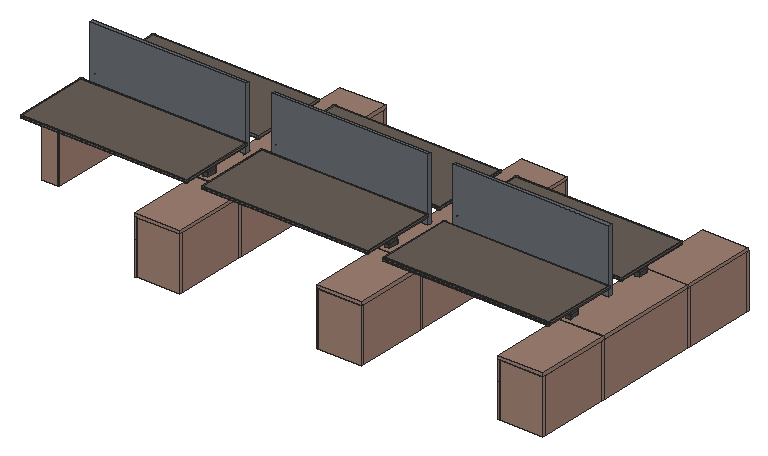
Revit family "T200198", category Furniture, Revit 2015
Parameters (values of type "T200198")
  URL = "https://ofs.com/"
  Staks Wire Manager = OFS STAKS PET Wire Manager Material
  Staks Height Worksurface Edge = OFS STAKS Edge Material
  Staks Height  Worksurface Venner = OFS STAKS Surface Material
  Staks Height  Worksurface 3d Laminate = OFS STAKS Laminate Material
  Staks Fabric Privacy Panel = OFS STAKS Tackable Fabric
  Staks Cross Surface = OFS STAKS Wood Grain Laminate Material
  Staks Cross Power Block Casing = OFS STAKS Power Block Casing Material
  Staks Cross Power Block = OFS STAKS Power Block Material
  Staks Cross Metal Conduit = OFS STAKS Power Jumper Conduit Material
  Staks Cross Duplex Receptacle = OFS STAKS Power Jumper Connector Material
  Staks Cross Bracket = OFS STAKS Power Jumper Connector Material
  Staks Box File top Material = OFS STAKS Board Material
  Staks Box File Leg Caps = OFS STAKS Leg Caps Material
  Staks Box File Drawer Handle = OFS STAKS Drawer Handle Metal
  Staks Box File Column = OFS STAKS Column Material
  Staks Box File Board = OFS STAKS Board Material
  Model = "T200198"
  Manufacturer = "OFS"
  Description = "OFS TYPICAL T200198"
  Copyright © = "©OFS 2020"
  Catalog = "https://ofs.com/2020-experience"
  Authoring Version = "Autodesk Revit Architecture 2015"
  Assembly Code = "E2020400"
Reference planes (in)
  plane 1 "Center Front/Back": y = 0
  plane 2: z = 0
  plane 3 "Center Left/Right": x = 0
Dimensions and locks (in)
  aligned and locked: level to plane 2
Nested families (in)
  nested 1: "STAKS BOX-FILE-OPEN SHELVES FLOOR STORAGE Left 30-36" at (80.92693, 31.25018, 0) x (0, -1, 0) z (0, 0, 1), type "STAKS BOX-FILE-OPEN SHELVES FLOOR STORAGE Left, 30in"
    with Table Height 27.75"
  nested 2: "STAKS BOX-FILE-OPEN SHELVES FLOOR STORAGE Left 30-36" at (8.92693, 31.25018, 0) x (0, -1, 0) z (0, 0, 1), type "STAKS BOX-FILE-OPEN SHELVES FLOOR STORAGE Left, 30in"
    with Table Height 27.75"
  nested 3: "STAKS BOX-FILE-OPEN SHELVES FLOOR STORAGE Right 30-36" at (8.92693, -40.74982, 0) x (0, -1, 0) z (0, 0, 1), type "STAKS BOX-FILE-OPEN SHELVES FLOOR STORAGE Right, 30in"
    with Table Height 27.75"
  nested 4: "STAKS BOX-FILE-OPEN SHELVES FLOOR STORAGE Right 30-36" at (80.92693, -40.74982, 0) x (0, -1, 0) z (0, 0, 1), type "STAKS BOX-FILE-OPEN SHELVES FLOOR STORAGE Right, 30in"
    with Table Height 27.75"
  nested 5: "STAKS HEIGHT ADJUSTABLE WORK GROUP PANEL BASE Dual User" at (-142.02705, -0.46731, 0) x (0, 1, 0) z (0, 0, 1), type "STAKS HEIGHT ADJUSTABLE WORK GROUP PANEL BASE Dual User"
    with Table Height 27.75"
  nested 6: "STAKS HEIGHT ADJUSTABLE WORK GROUP CABINET Dual User" at (80.92693, -0.49982, 0) x (0, -1, 0) z (0, 0, 1), type "STAKS HEIGHT ADJUSTABLE WORK GROUP CABINET Dual User"
    with Table Height 27.75"
  nested 7: "STAKS HEIGHT ADJUSTABLE WORK GROUP CABINET Double Sided Dual User" at (-9.07307, -0.49982, 0) x (0, 1, 0) z (0, 0, 1), type "STAKS HEIGHT ADJUSTABLE WORK GROUP CABINET Double Sided Dual User"
    with Table Height 27.75"
  nested 8: "STAKS FABRIC PRIVACY PANEL Tackable" at (-36.07307, -0.46856, 0.61875), type "STAKS FABRIC PRIVACY PANEL Tackable for 66in Worksurfaces."
    with Width 62.00"
  nested 9: "STAKS FABRIC PRIVACY PANEL Tackable" at (35.92692, -0.46856, 0.61875) x (-1, 0, 0) z (0, 0, 1), type "STAKS FABRIC PRIVACY PANEL Tackable for 66in Worksurfaces."
    with Width 62.00"
  nested 10: "STAKS HEIGHT ADJUSTABLE WORKSURFACE" at (-36.07141, -18.49811, 8), type "STAKS HEIGHT ADJUSTABLE WORKSURFACE 66x30"
    with PVC Edge yes, Height 21.00", 3D Laminate no
  nested 11: "STAKS HEIGHT ADJUSTABLE WORKSURFACE" at (36.07141, -18.49811, 8) x (-1, 0, 0) z (0, 0, 1), type "STAKS HEIGHT ADJUSTABLE WORKSURFACE 66x30"
    with PVC Edge yes, Height 21.00", 3D Laminate no
  nested 12: "STAKS HEIGHT ADJUSTABLE WORKSURFACE" at (-36.07141, 17.37311, 8), type "STAKS HEIGHT ADJUSTABLE WORKSURFACE 66x30"
    with PVC Edge yes, Height 21.00", 3D Laminate no
  nested 13: "STAKS HEIGHT ADJUSTABLE WORKSURFACE" at (36.07141, 17.37311, 8) x (-1, 0, 0) z (0, 0, 1), type "STAKS HEIGHT ADJUSTABLE WORKSURFACE 66x30"
    with PVC Edge yes, Height 21.00", 3D Laminate no
  nested 14: "STAKS CROSS RAIL BASIC POWER Double Sided Three Circuit" at (-36.07307, -0.00189, 1), type "STAKS CROSS RAIL BASIC POWER Double Sided Three Circuit 66in"
  nested 15: "STAKS CROSS RAIL BASIC POWER Double Sided Three Circuit" at (36.07307, -0.00189, 1) x (-1, 0, 0) z (0, 0, 1), type "STAKS CROSS RAIL BASIC POWER Double Sided Three Circuit 66in"
  nested 16: "STAKS PET WIRE MANAGER to Underside of Cross Rail" at (-36.07307, 0, 1.04402), type "STAKS PET WIRE MANAGER to Underside of Cross Rail 44in"
    with Height Above Floor 20.00"
  nested 17: "STAKS PET WIRE MANAGER to Underside of Cross Rail" at (36.07307, 0, 1.04402) x (-1, 0, 0) z (0, 0, 1), type "STAKS PET WIRE MANAGER to Underside of Cross Rail 44in"
    with Height Above Floor 20.00"
  nested 18: "STAKS HEIGHT ADJUSTABLE WORKSURFACE" at (-108.07141, -18.49811, 8), type "STAKS HEIGHT ADJUSTABLE WORKSURFACE 66x30"
    with PVC Edge yes, Height 21.00", 3D Laminate no
  nested 19: "STAKS HEIGHT ADJUSTABLE WORKSURFACE" at (-108.07141, 17.37311, 8), type "STAKS HEIGHT ADJUSTABLE WORKSURFACE 66x30"
    with PVC Edge yes, Height 21.00", 3D Laminate no
  nested 20: "STAKS BOX-FILE-OPEN SHELVES FLOOR STORAGE Left 30-36" at (-63.19499, 31.25018, 0) x (0, -1, 0) z (0, 0, 1), type "STAKS BOX-FILE-OPEN SHELVES FLOOR STORAGE Left, 30in"
    with Table Height 27.75"
  nested 21: "STAKS BOX-FILE-OPEN SHELVES FLOOR STORAGE Right 30-36" at (-63.19499, -40.74982, 0) x (0, -1, 0) z (0, 0, 1), type "STAKS BOX-FILE-OPEN SHELVES FLOOR STORAGE Right, 30in"
    with Table Height 27.75"
  nested 22: "STAKS HEIGHT ADJUSTABLE WORK GROUP CABINET Double Sided Dual User" at (-81.19499, -0.49982, 0) x (0, 1, 0) z (0, 0, 1), type "STAKS HEIGHT ADJUSTABLE WORK GROUP CABINET Double Sided Dual User"
    with Table Height 27.75"
  nested 23: "STAKS FABRIC PRIVACY PANEL Tackable" at (-108.19499, -0.46856, 0.61875), type "STAKS FABRIC PRIVACY PANEL Tackable for 66in Worksurfaces."
    with Width 62.00"
  nested 24: "STAKS CROSS RAIL BASIC POWER Double Sided Three Circuit" at (-108.19499, -0.00189, 1), type "STAKS CROSS RAIL BASIC POWER Double Sided Three Circuit 66in"
  nested 25: "STAKS PET WIRE MANAGER to Underside of Cross Rail" at (-108.19499, 0, 1.04402), type "STAKS PET WIRE MANAGER to Underside of Cross Rail 44in"
    with Height Above Floor 20.00"
  nested 26: "STAKS PET HIGH BACK WIRE MANAGER to Underside of Worksurface" at (-108.9255, -6, -0.55673), type "STAKS PET HIGH BACK WIRE MANAGER Mounts to Underside of Worksurface 56in"
    with Height Above Floor 28.50"
  nested 27: "STAKS PET HIGH BACK WIRE MANAGER to Underside of Worksurface" at (-108.9255, 5, -0.60286), type "STAKS PET HIGH BACK WIRE MANAGER Mounts to Underside of Worksurface 56in"
    with Height Above Floor 28.50"
  nested 28: "STAKS PET HIGH BACK WIRE MANAGER to Underside of Worksurface" at (35.19641, -6, -0.55673), type "STAKS PET HIGH BACK WIRE MANAGER Mounts to Underside of Worksurface 56in"
    with Height Above Floor 28.50"
  nested 29: "STAKS PET HIGH BACK WIRE MANAGER to Underside of Worksurface" at (35.19641, 5, -0.60286), type "STAKS PET HIGH BACK WIRE MANAGER Mounts to Underside of Worksurface 56in"
    with Height Above Floor 28.50"
Definition of nested family "STAKS BOX-FILE-OPEN SHELVES FLOOR STORAGE Left 30-36"
  Parameters (values of type "STAKS BOX-FILE-OPEN SHELVES FLOOR STORAGE Left, 30in")
    Width = 30.00"
    URL = "http://ofs.com"
    Top Material = none
    Top Board Back Offset = 0.00"
    Table Height [instance] = 27.75"
    Shelf Height = 13.86625"
    Drawers Width = 14.00"
    Drawer Handle Material = none
    Drawer Gap = 0.0625"
    Depth = 18.00"
    Column Plate Thickness = 2.00"
    Column Material = none
    Box Width = 7.00"
    Board Thick Top = 1.125"
    Board Thick Door = 0.75"
    Board Material = none
    Model = "6-3018FSL1"
    Manufacturer = "OFS"
    Leg Caps Material = none
    Leg Offset = 2.00"
    Board Thick Internal = 0.75"
    Height = 23.00"
    Description = "OFS STAKS BOX-FILE-OPEN SHELVES FLOOR STORAGE Left, 30\" Width, One Box Drawer, One File Drawer, One Adjustable Shelf"
    Copyright © = "© OFS 2018"
    Catalog = "https://ofs.com/products/open-plan/benching/staks"
    Bottom Board Offset = 0.50"
    Board Thick Bot = 1.00"
    Board Thick Sides = 0.75"
    Board Thick Front = 0.75"
    Board Thick Back = 0.75"
    Authoring Version = "Autodesk Revit Architecture 2013"
    Assembly Code = "E2020200"
  Types (2): name | Width | Model | Description
    STAKS BOX-FILE-OPEN SHELVES FLOOR STORAGE Left, 30in | 30.00" | "6-3018FSL1" | "OFS STAKS BOX-FILE-OPEN SHELVES FLOOR STORAGE Left, 30\" Width, One Box Drawer, One File Drawer, One Adjustable Shelf"
    STAKS BOX-FILE-OPEN SHELVES FLOOR STORAGE Left, 36in | 36.00" | "6-3618FSL1" | "OFS STAKS BOX-FILE-OPEN SHELVES FLOOR STORAGE Left, 36\" Width, One Box Drawer, One File Drawer, One Adjustable Shelf"
  Reference planes (in)
    plane 1 "Center Front/Back": y = 0
    plane 2: z = 0
    plane 3 "Front End": y = -17.25
    plane 4 "Right End": x = 10.75
    plane 5 "Back End": y = 0
    plane 6 "Height Top": z = 23
    plane 7: x = 10
    plane 8: z = 21.875
    plane 9: z = 0.5
    plane 10: z = 1.5
    plane 11: y = -16.5
    plane 12: x = 8.75
    plane 13: y = -18
    plane 14: y = -0.75
    plane 15: y = 0
    plane 16: z = 13.86625
    plane 17: z = 13.11625
    plane 18: z = 13.92875
    plane 19 "Center Left Right": x = -4.25
    plane 20: x = -18.5
    plane 21: x = -3.75
    plane 22: x = -4.5
    plane 23: x = -19.25
    plane 24: x = -17.25
    plane 25: x = -14.5
    plane 26: x = -8.5
    plane 27: x = -8.875
    plane 28: x = -14.125
  Forms (in)
    Extrusion 1, solid, material <- "Board Material"
      sketch origin (0, 0, 0) x (-1, 0, 0) y (0, -1, 0)
        loop
          line (-10.75, 0) -> (-10, 0) -> (-10, 17.25) -> (-10.75, 17.25) -> (-10.75, 0)
      from 0.5 to 21.875
    Extrusion 2, solid, material <- "Board Material"
      sketch origin (0, 0, 0) x (1, 0, 0) y (0, 1, 0)
        loop
          line (-18.5, -0.75) -> (-18.5, -17.25) -> (10, -17.25) -> (10, -0.75) -> (-18.5, -0.75)
      from 0.5 to 1.5
    Extrusion 3, solid, material <- "Top Material"
      sketch origin (0, 0, 0) x (1, 0, 0) y (0, 1, 0)
        loop
          line (-19.25, 0) -> (-19.25, -18) -> (10.75, -18) -> (10.75, 0) -> (-19.25, 0)
      from 21.875 to 23
    Extrusion 4, solid, material <- "Board Material"
      sketch origin (0, 27.875, 0) x (1, 0, 0) y (0, 1, 0)
        loop
          line (-18.5, -27.875) -> (-18.5, -28.625) -> (10, -28.625) -> (10, -27.875) -> (-18.5, -27.875)
      from 0.5 to 21.875
    Revolve 5, solid, material <- "Leg Caps Material"
      sketch origin (-17.27629, -3.5, 0) x (-1, 0, 0) y (0, 0, -1)
        loop
          line (-26.02629, -0.5) -> (-25.83829, -0.5) -> (-25.83829, 0) -> (-26.21329, 0) -> (-26.21329, -0.12502)
          arc (-26.21329, -0.12502) -> (-26.17668, -0.2134) -> (-26.08831, -0.25) r 0.12498
          line (-26.08831, -0.25) -> (-26.02629, -0.25) -> (-26.02629, -0.5)
        axis (-25.83829, 0) -> (-25.83829, -0.5)
      angle from 0 to 360
    Revolve 6, solid, material <- "Leg Caps Material"
      sketch origin (-7.02629, -14.5, 0) x (-1, 0, 0) y (0, 0, 1)
        loop
          line (-15.77629, 0.5) -> (-15.77629, 0.25) -> (-15.83831, 0.25)
          arc (-15.83831, 0.25) -> (-15.92668, 0.2134) -> (-15.96329, 0.12502) r 0.12498
          line (-15.96329, 0.12502) -> (-15.96329, 0) -> (-15.58829, 0) -> (-15.58829, 0.5) -> (-15.77629, 0.5)
        axis (-15.58829, 0) -> (-15.58829, 0.5)
      angle from 0 to 360
    Extrusion 7, solid, material <- "Board Material"
      sketch origin (-29.25, 0, 0) x (-1, 0, 0) y (0, -1, 0)
        loop
          line (-10.75, 0) -> (-10, 0) -> (-10, 17.25) -> (-10.75, 17.25) -> (-10.75, 0)
      from 0.5 to 21.875
    Extrusion 8, solid, material <- "Board Material"
      sketch origin (-14.875, 0, 0) x (-1, 0, 0) y (0, -1, 0)
        loop
          line (-11.125, 0.75) -> (-10.375, 0.75) -> (-10.375, 17.25) -> (-11.125, 17.25) -> (-11.125, 0.75)
      from 1.5 to 21.875
    Revolve 9, solid, material <- "Leg Caps Material"
      sketch origin (2.40129, -3.5, 0) x (1, 0, 0) y (0, 0, 1)
        loop
          line (-19.65129, 0.5) -> (-19.65129, 0.25) -> (-19.71331, 0.25)
          arc (-19.71331, 0.25) -> (-19.80168, 0.2134) -> (-19.83829, 0.12502) r 0.12498
          line (-19.83829, 0.12502) -> (-19.83829, 0) -> (-19.46329, 0) -> (-19.46329, 0.5) -> (-19.65129, 0.5)
        axis (-19.46329, 0) -> (-19.46329, 0.5)
      angle from 0 to 360
    Revolve 10, solid, material <- "Leg Caps Material"
      sketch origin (-2.22371, -14.5, 0) x (1, 0, 0) y (0, 0, -1)
        loop
          line (-15.02629, -0.5) -> (-14.83829, -0.5) -> (-14.83829, 0) -> (-15.21329, 0) -> (-15.21329, -0.12502)
          arc (-15.21329, -0.12502) -> (-15.17668, -0.2134) -> (-15.08831, -0.25) r 0.12498
          line (-15.08831, -0.25) -> (-15.02629, -0.25) -> (-15.02629, -0.5)
        axis (-14.83829, 0) -> (-14.83829, -0.5)
      angle from 0 to 360
    Revolve 11, solid, material <- "Leg Caps Material"
      sketch origin (21.08829, -3.5, 0) x (1, 0, 0) y (0, 0, 1)
        loop
          line (-25.40129, 0.5) -> (-25.40129, 0.25) -> (-25.46331, 0.25)
          arc (-25.46331, 0.25) -> (-25.55168, 0.2134) -> (-25.58829, 0.12502) r 0.12498
          line (-25.58829, 0.12502) -> (-25.58829, 0) -> (-25.21329, 0) -> (-25.21329, 0.5) -> (-25.40129, 0.5)
        axis (-25.21329, 0) -> (-25.21329, 0.5)
      angle from 0 to 360
    Revolve 12, solid, material <- "Leg Caps Material"
      sketch origin (16.46329, -14.5, 0) x (1, 0, 0) y (0, 0, -1)
        loop
          line (-20.77629, -0.5) -> (-20.58829, -0.5) -> (-20.58829, 0) -> (-20.96329, 0) -> (-20.96329, -0.12502)
          arc (-20.96329, -0.12502) -> (-20.92668, -0.2134) -> (-20.83831, -0.25) r 0.12498
          line (-20.83831, -0.25) -> (-20.77629, -0.25) -> (-20.77629, -0.5)
        axis (-20.58829, 0) -> (-20.58829, -0.5)
      angle from 0 to 360
    Extrusion 13, solid, material <- "Board Material"
      sketch origin (-9.66893, 0, 0) x (-1, 0, 0) y (0, -1, 0)
        loop
          line (9.58107, 17.25) -> (9.58107, 18) -> (-5.91893, 18) -> (-5.91893, 17.25) -> (9.58107, 17.25)
      from 0.5 to 13.86625
    Extrusion 14, solid, material <- "Board Material"
      sketch origin (-11.49697, 0, 14.88819) x (-1, 0, 0) y (0, -1, 0)
        loop
          line (7.75303, 17.25) -> (7.75303, 18) -> (-7.74697, 18) -> (-7.74697, 17.25) -> (7.75303, 17.25)
      from -0.95944 to 6.98681
    Extrusion 15, solid, material <- "Drawer Handle Material"
      sketch origin (27.25, 0, 0) x (1, 0, 0) y (0, 1, 0)
        loop
          line (-35.75, -18.875) -> (-35.75, -18) -> (-36.125, -18) -> (-36.125, -18.6875) -> (-41.375, -18.6875) -> (-41.375, -18) -> (-41.75, -18) -> (-41.75, -18.875) -> (-35.75, -18.875)
      from 20.19685 to 20.6656
    Extrusion 16, solid, material <- "Drawer Handle Material"
      sketch origin (27.25, 0, -7) x (1, 0, 0) y (0, 1, 0)
        loop
          line (-35.75, -18.875) -> (-35.75, -18) -> (-36.125, -18) -> (-36.125, -18.6875) -> (-41.375, -18.6875) -> (-41.375, -18) -> (-41.75, -18) -> (-41.75, -18.875) -> (-35.75, -18.875)
      from 20.19685 to 20.6656
    Extrusion 17, solid, material <- "Board Material"
      sketch origin (15.75, 0, 0) x (1, 0, 0) y (0, 0, 1)
        loop
          line (-19.5, 13.86625) -> (-19.5, 13.11625) -> (-5.75, 13.11625) -> (-5.75, 13.86625) -> (-19.5, 13.86625)
      from 0.75 to 17.25
  Dimensions and locks (in)
    "Height": plane 6 "Height Top" to level
    "Board Thick Sides": plane 7 to plane 4 "Right End"
    "Board Thick Top": plane 6 "Height Top" to plane 8
    "Board Thick Bot": plane 10 to plane 9
    "Bottom Board Offset": plane 9 to level
    "Board Thick Front": plane 11 to plane 3 "Front End"
    "Leg Offset": plane 12 to plane 4 "Right End"
    "Board Thick Door": plane 13 to plane 3 "Front End"
    "Board Thick Back": plane 14 to plane 1 "Center Front/Back"
    "Depth": plane 13 to plane 1 "Center Front/Back"
    "Top Board Back Offset": plane 15 to plane 5 "Back End"
    "Board Thick Internal": plane 16 to plane 17
    "Shelf Height": plane 16 to level
    "Drawer Gap": plane 18 to plane 16
    equal spacing: plane 23, plane 19 "Center Left Right", plane 4 "Right End"
    "Width": plane 4 "Right End" to plane 23
    "Board Thick Internal": plane 21 to plane 22
    "Board Thick Sides": plane 23 to plane 20
    "Drawers Width": plane 20 to plane 22
    "Leg Offset": plane 24 to plane 23
    locked: plane 20 to plane 25 at 4
    locked: plane 26 to plane 22 at 4
    locked: plane 27 to plane 26 at 0.375
    locked: plane 25 to plane 28 at 0.375
    aligned and locked: level to plane 2
    aligned and locked: plane 7 to Extrusion 1
    aligned and locked: Extrusion 1 to plane 4 "Right End"
    aligned and locked: Extrusion 1 to plane 9
    aligned and locked: plane 7 to Extrusion 2 sketch curve
    aligned and locked: Extrusion 4 to plane 9
    aligned and locked: plane 8 to Extrusion 4
    aligned and locked: plane 8 to Extrusion 1
    aligned and locked: Extrusion 3 to plane 13
    aligned and locked: Extrusion 3 to plane 4 "Right End"
    aligned and locked: plane 6 "Height Top" to Extrusion 3
    aligned and locked: Extrusion 3 to plane 8
    aligned and locked: Extrusion 4 to plane 14
    aligned and locked: Extrusion 4 to plane 1 "Center Front/Back"
    aligned and locked: Extrusion 3 to plane 15
    aligned and locked: Extrusion 1 to plane 3 "Front End"
    aligned and locked: plane 12 to Revolve 5
    aligned and locked: plane 20 to Extrusion 7 sketch curve
    aligned and locked: plane 23 to Extrusion 7
    aligned and locked: plane 23 to Extrusion 3
    aligned and locked: plane 20 to Extrusion 2
    aligned and locked: Extrusion 7 to plane 9
    aligned and locked: Extrusion 7 to plane 5 "Back End"
    aligned and locked: plane 20 to Extrusion 4
    aligned and locked: Extrusion 4 to plane 7
    aligned and locked: Extrusion 1 to plane 5 "Back End"
    aligned and locked: plane 23 to Extrusion 14
    aligned and locked: plane 23 to Extrusion 13
    aligned and locked: plane 21 to Extrusion 14
    aligned and locked: plane 21 to Extrusion 13
    aligned and locked: Extrusion 15 to plane 25
    aligned and locked: Extrusion 16 to plane 25
    aligned and locked: Extrusion 15 to plane 28
    aligned and locked: Extrusion 16 to plane 28
    aligned and locked: Extrusion 15 to plane 27
    aligned and locked: Extrusion 16 to plane 27
    aligned and locked: Extrusion 15 to plane 26
    aligned and locked: Extrusion 16 to plane 26
    aligned and locked: plane 13 to Extrusion 13
    aligned and locked: plane 3 "Front End" to Extrusion 13
    aligned and locked: plane 13 to Extrusion 14
    aligned and locked: plane 3 "Front End" to Extrusion 14
    aligned and locked: plane 8 to Extrusion 14
    aligned and locked: Extrusion 14 to plane 18
    aligned and locked: Extrusion 13 to plane 16
    aligned and locked: Extrusion 13 to plane 9
    aligned and locked: Extrusion 17 to plane 21
    aligned and locked: Extrusion 17 to plane 7
    aligned and locked: Extrusion 17 to plane 16
    aligned and locked: plane 17 to Extrusion 17
  Automatic sketch dimensions
    Extrusion 1 sketch curve to plane 3 "Front End" = 0.00"
    Extrusion 1 sketch curve to plane 4 "Right End" = 0.00"
    Extrusion 1 sketch curve to plane 7 = 0.00"
    plane 1 "Center Front/Back" to Extrusion 1 sketch curve = 0.00"
    Extrusion 2 sketch curve to plane 3 "Front End" = 0.00"
    Extrusion 2 sketch curve to plane 20 = 0.00"
    Extrusion 2 sketch curve to plane 14 = 0.00"
    Extrusion 3 sketch curve to plane 13 = 0.00"
    Extrusion 3 sketch curve to plane 23 = 0.00"
    Extrusion 3 sketch curve to plane 4 "Right End" = 0.00"
    plane 1 "Center Front/Back" to Extrusion 3 sketch curve = 0.00"
    Extrusion 4 sketch curve to plane 14 = 0.00"
    Extrusion 4 sketch curve to plane 20 = 0.00"
    Extrusion 4 sketch curve to plane 7 = 0.00"
    plane 1 "Center Front/Back" to Extrusion 4 sketch curve = 0.00"
    Revolve 5 sketch curve to level = 0.00"
    plane 12 to Revolve 5 sketch curve = 0.00"
    Revolve 5 sketch curve to plane 9 = 0.00"  (x2)
    level to Revolve 5 sketch curve = 0.25"
    Revolve 5 sketch curve to Revolve 5 sketch curve = 0.06202"
    Revolve 5 sketch curve to Revolve 5 sketch curve = 0.12498"
    plane 12 to Revolve 5 sketch curve = 0.188"  (x2)
    plane 9 to Revolve 5 sketch curve = 0.25"
    Revolve 6 sketch curve to level = 0.00"
    plane 12 to Revolve 6 sketch curve = 0.00"
    Revolve 6 sketch curve to plane 9 = 0.00"  (x2)
    level to Revolve 6 sketch curve = 0.12502"
    Revolve 6 sketch curve to plane 12 = 0.06202"
    Revolve 6 sketch curve to Revolve 6 sketch curve = 0.12498"
    plane 12 to Revolve 6 sketch curve = 0.188"  (x2)
    plane 9 to Revolve 6 sketch curve = 0.25"
    Extrusion 7 sketch curve to plane 3 "Front End" = 0.00"
    Extrusion 7 sketch curve to plane 23 = 0.00"
    plane 1 "Center Front/Back" to Extrusion 7 sketch curve = 0.00"
    Extrusion 8 sketch curve to plane 3 "Front End" = 0.00"
    Extrusion 8 sketch curve to plane 21 = 0.00"
    Extrusion 8 sketch curve to plane 22 = 0.00"
    Extrusion 8 sketch curve to plane 14 = 0.00"
    Revolve 9 sketch curve to level = 0.00"
    Revolve 9 sketch curve to plane 24 = 0.00"
    Revolve 9 sketch curve to plane 9 = 0.00"  (x2)
    level to Revolve 9 sketch curve = 0.12502"
    Revolve 9 sketch curve to plane 24 = 0.06202"
    Revolve 9 sketch curve to Revolve 9 sketch curve = 0.12498"
    plane 24 to Revolve 9 sketch curve = 0.188"  (x2)
    plane 9 to Revolve 9 sketch curve = 0.25"
    Revolve 10 sketch curve to level = 0.00"
    Revolve 10 sketch curve to plane 24 = 0.00"
    Revolve 10 sketch curve to plane 9 = 0.00"  (x2)
    level to Revolve 10 sketch curve = 0.25"
    Revolve 10 sketch curve to plane 24 = 0.06202"
    Revolve 10 sketch curve to Revolve 10 sketch curve = 0.12498"
    plane 24 to Revolve 10 sketch curve = 0.188"  (x2)
    plane 9 to Revolve 10 sketch curve = 0.25"
    Revolve 11 sketch curve to plane 22 = 0.00"
    Revolve 11 sketch curve to plane 9 = 0.00"  (x2)
    Revolve 11 sketch curve to level = 0.00"
    level to Revolve 11 sketch curve = 0.12502"
    plane 22 to Revolve 11 sketch curve = 0.12498"
    Revolve 11 sketch curve to Revolve 11 sketch curve = 0.06202"
    Revolve 11 sketch curve to Revolve 11 sketch curve = 0.25002"
    Revolve 11 sketch curve to Revolve 11 sketch curve = 0.00"
    plane 9 to Revolve 11 sketch curve = 0.25"
    Revolve 12 sketch curve to plane 22 = 0.00"
    Revolve 12 sketch curve to plane 9 = 0.00"  (x2)
    Revolve 12 sketch curve to level = 0.00"
    level to Revolve 12 sketch curve = 0.25"
    plane 22 to Revolve 12 sketch curve = 0.12498"
    Revolve 12 sketch curve to Revolve 12 sketch curve = 0.06202"
    Revolve 12 sketch curve to Revolve 12 sketch curve = 0.25002"
    Revolve 12 sketch curve to Revolve 12 sketch curve = 0.00"
    plane 9 to Revolve 12 sketch curve = 0.25"
    Extrusion 13 sketch curve to plane 3 "Front End" = 0.00"
    Extrusion 13 sketch curve to plane 21 = 0.00"
    Extrusion 13 sketch curve to plane 13 = 0.00"
    Extrusion 13 sketch curve to plane 23 = 0.00"
    Extrusion 14 sketch curve to plane 3 "Front End" = 0.00"
    Extrusion 14 sketch curve to plane 21 = 0.00"
    Extrusion 14 sketch curve to plane 13 = 0.00"
    Extrusion 14 sketch curve to plane 23 = 0.00"
    Extrusion 15 sketch curve to plane 13 = 0.00"
    Extrusion 15 sketch curve to plane 25 = 0.00"
    Extrusion 15 sketch curve to plane 28 = 0.00"
    Extrusion 15 sketch curve to plane 27 = 0.00"
    plane 13 to Extrusion 15 sketch curve = 0.00"
    Extrusion 15 sketch curve to plane 26 = 0.00"
    plane 13 to Extrusion 15 sketch curve = 0.875"
    Extrusion 15 sketch curve to Extrusion 15 sketch curve = 0.1875"
    Extrusion 16 sketch curve to plane 13 = 0.00"
    Extrusion 16 sketch curve to plane 25 = 0.00"
    Extrusion 16 sketch curve to plane 28 = 0.00"
    Extrusion 16 sketch curve to plane 27 = 0.00"
    plane 13 to Extrusion 16 sketch curve = 0.00"
    Extrusion 16 sketch curve to plane 26 = 0.00"
    plane 13 to Extrusion 16 sketch curve = 0.875"
    Extrusion 16 sketch curve to Extrusion 16 sketch curve = 0.1875"
    Extrusion 17 sketch curve to plane 17 = 0.00"
    Extrusion 17 sketch curve to plane 16 = 0.00"
    plane 21 to Extrusion 17 sketch curve = 0.00"
    Extrusion 17 sketch curve to plane 12 = 1.25"
Definition of nested family "STAKS BOX-FILE-OPEN SHELVES FLOOR STORAGE Right 30-36"
  Parameters (values of type "STAKS BOX-FILE-OPEN SHELVES FLOOR STORAGE Right, 30in")
    Width = 30.00"
    URL = "http://ofs.com"
    Top Material = none
    Top Board Back Offset = 0.00"
    Table Height [instance] = 27.75"
    Shelf Height = 13.86625"
    Drawers Width = 14.00"
    Drawer Handle Material = none
    Drawer Gap = 0.0625"
    Depth = 18.00"
    Column Plate Thickness = 2.00"
    Column Material = none
    Box Width = 7.00"
    Board Thick Top = 1.125"
    Board Thick Door = 0.75"
    Board Material = none
    Model = "6-3018FSR1"
    Manufacturer = "OFS"
    Leg Caps Material = none
    Leg Offset = 2.00"
    Board Thick Internal = 0.75"
    Height = 23.00"
    Description = "OFS STAKS BOX-FILE-OPEN SHELVES FLOOR STORAGE Right, 30\" Width, One Box Drawer, One File Drawer, One Adjustable Shelf"
    Copyright © = "© OFS 2018"
    Catalog = "https://ofs.com/products/open-plan/benching/staks"
    Bottom Board Offset = 0.50"
    Board Thick Bot = 1.00"
    Board Thick Sides = 0.75"
    Board Thick Front = 0.75"
    Board Thick Back = 0.75"
    Authoring Version = "Autodesk Revit Architecture 2013"
    Assembly Code = "E2020200"
  Types (2): name | Width | Model | Description
    STAKS BOX-FILE-OPEN SHELVES FLOOR STORAGE Right, 30in | 30.00" | "6-3018FSR1" | "OFS STAKS BOX-FILE-OPEN SHELVES FLOOR STORAGE Right, 30\" Width, One Box Drawer, One File Drawer, One Adjustable Shelf"
    STAKS BOX-FILE-OPEN SHELVES FLOOR STORAGE Right, 36in | 36.00" | "6-3618FSR1" | "OFS STAKS BOX-FILE-OPEN SHELVES FLOOR STORAGE Right, 36\" Width, One Box Drawer, One File Drawer, One Adjustable Shelf"
  Reference planes (in)
    plane 1 "Center Front/Back": y = 0
    plane 2: z = 0
    plane 3 "Front End": y = -17.25
    plane 4 "Right End": x = 10.75
    plane 5 "Back End": y = 0
    plane 6 "Height Top": z = 23
    plane 7: x = 10
    plane 8: z = 21.875
    plane 9: z = 0.5
    plane 10: z = 1.5
    plane 11: y = -16.5
    plane 12: x = 8.75
    plane 13: y = -18
    plane 14: y = -0.75
    plane 15: y = 0
    plane 16: z = 13.86625
    plane 17: z = 13.11625
    plane 18: z = 13.92875
    plane 19 "Center Left Right": x = -4.25
    plane 20: x = -18.5
    plane 21: x = -4
    plane 22: x = -4.75
    plane 23: x = -19.25
    plane 24: x = -17.25
    plane 25: x = 6
    plane 26: x = 5.625
    plane 27: x = 0
    plane 28: x = 0.375
    plane 29: x = -14.5
    plane 30: x = -8.75
    plane 31: x = -9.125
    plane 32: x = -14.125
  Forms (in)
    Extrusion 1, solid, material <- "Board Material"
      sketch origin (0, 0, 0) x (-1, 0, 0) y (0, -1, 0)
        loop
          line (-10.75, 0) -> (-10, 0) -> (-10, 17.25) -> (-10.75, 17.25) -> (-10.75, 0)
      from 0.5 to 21.875
    Extrusion 2, solid, material <- "Board Material"
      sketch origin (0, 0, 0) x (1, 0, 0) y (0, 1, 0)
        loop
          line (-18.5, -0.75) -> (-18.5, -17.25) -> (10, -17.25) -> (10, -0.75) -> (-18.5, -0.75)
      from 0.5 to 1.5
    Extrusion 3, solid, material <- "Top Material"
      sketch origin (0, 0, 0) x (1, 0, 0) y (0, 1, 0)
        loop
          line (-19.25, 0) -> (-19.25, -18) -> (10.75, -18) -> (10.75, 0) -> (-19.25, 0)
      from 21.875 to 23
    Extrusion 4, solid, material <- "Board Material"
      sketch origin (0, 27.875, 0) x (1, 0, 0) y (0, 1, 0)
        loop
          line (-18.5, -27.875) -> (-18.5, -28.625) -> (10, -28.625) -> (10, -27.875) -> (-18.5, -27.875)
      from 0.5 to 21.875
    Revolve 5, solid, material <- "Leg Caps Material"
      sketch origin (-17.27629, -3.5, 0) x (-1, 0, 0) y (0, 0, -1)
        loop
          line (-26.02629, -0.5) -> (-25.83829, -0.5) -> (-25.83829, 0) -> (-26.21329, 0) -> (-26.21329, -0.12502)
          arc (-26.21329, -0.12502) -> (-26.17668, -0.2134) -> (-26.08831, -0.25) r 0.12498
          line (-26.08831, -0.25) -> (-26.02629, -0.25) -> (-26.02629, -0.5)
        axis (-25.83829, 0) -> (-25.83829, -0.5)
      angle from 0 to 360
    Revolve 6, solid, material <- "Leg Caps Material"
      sketch origin (-7.02629, -14.5, 0) x (-1, 0, 0) y (0, 0, 1)
        loop
          line (-15.77629, 0.5) -> (-15.77629, 0.25) -> (-15.83831, 0.25)
          arc (-15.83831, 0.25) -> (-15.92668, 0.2134) -> (-15.96329, 0.12502) r 0.12498
          line (-15.96329, 0.12502) -> (-15.96329, 0) -> (-15.58829, 0) -> (-15.58829, 0.5) -> (-15.77629, 0.5)
        axis (-15.58829, 0) -> (-15.58829, 0.5)
      angle from 0 to 360
    Extrusion 7, solid, material <- "Board Material"
      sketch origin (-29.25, 0, 0) x (-1, 0, 0) y (0, -1, 0)
        loop
          line (-10.75, 0) -> (-10, 0) -> (-10, 17.25) -> (-10.75, 17.25) -> (-10.75, 0)
      from 0.5 to 21.875
    Extrusion 8, solid, material <- "Board Material"
      sketch origin (7.66893, 0, 0) x (1, 0, 0) y (0, 1, 0)
        loop
          line (3.08107, -17.25) -> (-12.41893, -17.25) -> (-12.41893, -18) -> (3.08107, -18) -> (3.08107, -17.25)
      from 0.5 to 13.86625
    Extrusion 9, solid, material <- "Board Material"
      sketch origin (-14.875, 0, 0) x (-1, 0, 0) y (0, -1, 0)
        loop
          line (-10.875, 0.75) -> (-10.125, 0.75) -> (-10.125, 17.25) -> (-10.875, 17.25) -> (-10.875, 0.75)
      from 1.5 to 21.875
    Extrusion 10, solid, material <- "Board Material"
      sketch origin (-29.25, 0, 0) x (-1, 0, 0) y (0, 0, -1)
        loop
          line (-24.5, -13.86625) -> (-10.75, -13.86625) -> (-10.75, -13.11625) -> (-24.5, -13.11625) -> (-24.5, -13.86625)
      from 0.75 to 17.25
    Extrusion 11, solid, material <- "Board Material"
      sketch origin (9.49697, 0, 14.88819) x (1, 0, 0) y (0, 1, 0)
        loop
          line (1.25303, -17.25) -> (-14.24697, -17.25) -> (-14.24697, -18) -> (1.25303, -18) -> (1.25303, -17.25)
      from -0.95944 to 6.98681
    Extrusion 12, solid, material <- "Drawer Handle Material"
      sketch origin (-29.25, 0, 0) x (-1, 0, 0) y (0, -1, 0)
        loop
          line (-29.25, 18.875) -> (-35.25, 18.875) -> (-35.25, 18) -> (-34.875, 18) -> (-34.875, 18.6875) -> (-29.625, 18.6875) -> (-29.625, 18) -> (-29.25, 18) -> (-29.25, 18.875)
      from 20.19685 to 20.6656
    Extrusion 13, solid, material <- "Drawer Handle Material"
      sketch origin (-29.25, 0, -7) x (-1, 0, 0) y (0, -1, 0)
        loop
          line (-29.25, 18.875) -> (-35.25, 18.875) -> (-35.25, 18) -> (-34.875, 18) -> (-34.875, 18.6875) -> (-29.625, 18.6875) -> (-29.625, 18) -> (-29.25, 18) -> (-29.25, 18.875)
      from 20.19685 to 20.6656
    Revolve 14, solid, material <- "Leg Caps Material"
      sketch origin (2.40129, -3.5, 0) x (1, 0, 0) y (0, 0, 1)
        loop
          line (-19.65129, 0.5) -> (-19.65129, 0.25) -> (-19.71331, 0.25)
          arc (-19.71331, 0.25) -> (-19.80168, 0.2134) -> (-19.83829, 0.12502) r 0.12498
          line (-19.83829, 0.12502) -> (-19.83829, 0) -> (-19.46329, 0) -> (-19.46329, 0.5) -> (-19.65129, 0.5)
        axis (-19.46329, 0) -> (-19.46329, 0.5)
      angle from 0 to 360
    Revolve 15, solid, material <- "Leg Caps Material"
      sketch origin (-2.22371, -14.5, 0) x (1, 0, 0) y (0, 0, -1)
        loop
          line (-15.02629, -0.5) -> (-14.83829, -0.5) -> (-14.83829, 0) -> (-15.21329, 0) -> (-15.21329, -0.12502)
          arc (-15.21329, -0.12502) -> (-15.17668, -0.2134) -> (-15.08831, -0.25) r 0.12498
          line (-15.08831, -0.25) -> (-15.02629, -0.25) -> (-15.02629, -0.5)
        axis (-14.83829, 0) -> (-14.83829, -0.5)
      angle from 0 to 360
    Revolve 16, solid, material <- "Leg Caps Material"
      sketch origin (21.08829, -3.5, 0) x (1, 0, 0) y (0, 0, 1)
        loop
          line (-25.65129, 0.5) -> (-25.65129, 0.25) -> (-25.71331, 0.25)
          arc (-25.71331, 0.25) -> (-25.80168, 0.2134) -> (-25.83829, 0.12502) r 0.12498
          line (-25.83829, 0.12502) -> (-25.83829, 0) -> (-25.46329, 0) -> (-25.46329, 0.5) -> (-25.65129, 0.5)
        axis (-25.46329, 0) -> (-25.46329, 0.5)
      angle from 0 to 360
    Revolve 17, solid, material <- "Leg Caps Material"
      sketch origin (16.46329, -14.5, 0) x (1, 0, 0) y (0, 0, -1)
        loop
          line (-21.02629, -0.5) -> (-20.83829, -0.5) -> (-20.83829, 0) -> (-21.21329, 0) -> (-21.21329, -0.12502)
          arc (-21.21329, -0.12502) -> (-21.17668, -0.2134) -> (-21.08831, -0.25) r 0.12498
          line (-21.08831, -0.25) -> (-21.02629, -0.25) -> (-21.02629, -0.5)
        axis (-20.83829, 0) -> (-20.83829, -0.5)
      angle from 0 to 360
  Dimensions and locks (in)
    "Height": plane 6 "Height Top" to level
    "Board Thick Sides": plane 7 to plane 4 "Right End"
    "Board Thick Top": plane 6 "Height Top" to plane 8
    "Board Thick Bot": plane 10 to plane 9
    "Bottom Board Offset": plane 9 to level
    "Board Thick Front": plane 11 to plane 3 "Front End"
    "Leg Offset": plane 12 to plane 4 "Right End"
    "Board Thick Door": plane 13 to plane 3 "Front End"
    "Board Thick Back": plane 14 to plane 1 "Center Front/Back"
    "Depth": plane 13 to plane 1 "Center Front/Back"
    "Top Board Back Offset": plane 15 to plane 5 "Back End"
    "Board Thick Internal": plane 16 to plane 17
    "Shelf Height": plane 16 to level
    "Drawer Gap": plane 18 to plane 16
    equal spacing: plane 23, plane 19 "Center Left Right", plane 4 "Right End"
    "Width": plane 4 "Right End" to plane 23
    "Board Thick Internal": plane 21 to plane 22
    "Board Thick Sides": plane 23 to plane 20
    "Drawers Width": plane 21 to plane 7
    "Leg Offset": plane 24 to plane 23
    locked: plane 25 to plane 7 at 4
    locked: plane 21 to plane 27 at 4
    locked: plane 26 to plane 25 at 0.375
    locked: plane 27 to plane 28 at 0.375
    locked: plane 20 to plane 29 at 4
    locked: plane 30 to plane 22 at 4
    locked: plane 31 to plane 30 at 0.375
    locked: plane 29 to plane 32 at 0.375
    aligned and locked: level to plane 2
    aligned and locked: plane 7 to Extrusion 1
    aligned and locked: Extrusion 1 to plane 4 "Right End"
    aligned and locked: Extrusion 1 to plane 9
    aligned and locked: plane 7 to Extrusion 2 sketch curve
    aligned and locked: Extrusion 4 to plane 9
    aligned and locked: plane 8 to Extrusion 4
    aligned and locked: plane 8 to Extrusion 1
    aligned and locked: Extrusion 3 to plane 13
    aligned and locked: Extrusion 3 to plane 4 "Right End"
    aligned and locked: plane 6 "Height Top" to Extrusion 3
    aligned and locked: Extrusion 3 to plane 8
    aligned and locked: Extrusion 4 to plane 14
    aligned and locked: Extrusion 4 to plane 1 "Center Front/Back"
    aligned and locked: Extrusion 3 to plane 15
    aligned and locked: Extrusion 1 to plane 3 "Front End"
    aligned and locked: plane 12 to Revolve 5
    aligned and locked: plane 20 to Extrusion 7 sketch curve
    aligned and locked: plane 22 to Extrusion 8
    aligned and locked: Extrusion 10 sketch curve to plane 20
    aligned and locked: Extrusion 10 sketch curve to plane 22
    aligned and locked: Extrusion 10 to Extrusion 8
    aligned and locked: plane 22 to Extrusion 11
    aligned and locked: plane 23 to Extrusion 7
    aligned and locked: plane 23 to Extrusion 3
    aligned and locked: plane 20 to Extrusion 2
    aligned and locked: Extrusion 7 to plane 9
    aligned and locked: Extrusion 12 to plane 25
    aligned and locked: Extrusion 13 to plane 25
    aligned and locked: plane 26 to Extrusion 12
    aligned and locked: plane 26 to Extrusion 13
    aligned and locked: Extrusion 12 to plane 28
    aligned and locked: Extrusion 13 to plane 28
    aligned and locked: Extrusion 12 to plane 27
    aligned and locked: Extrusion 13 to plane 27
    aligned and locked: Extrusion 7 to plane 5 "Back End"
    aligned and locked: plane 20 to Extrusion 4
    aligned and locked: Extrusion 4 to plane 7
    aligned and locked: Extrusion 1 to plane 5 "Back End"
  Automatic sketch dimensions
    Extrusion 1 sketch curve to plane 3 "Front End" = 0.00"
    Extrusion 1 sketch curve to plane 4 "Right End" = 0.00"
    Extrusion 1 sketch curve to plane 7 = 0.00"
    plane 1 "Center Front/Back" to Extrusion 1 sketch curve = 0.00"
    Extrusion 2 sketch curve to plane 3 "Front End" = 0.00"
    Extrusion 2 sketch curve to plane 20 = 0.00"
    Extrusion 2 sketch curve to plane 14 = 0.00"
    Extrusion 3 sketch curve to plane 13 = 0.00"
    Extrusion 3 sketch curve to plane 23 = 0.00"
    Extrusion 3 sketch curve to plane 4 "Right End" = 0.00"
    plane 1 "Center Front/Back" to Extrusion 3 sketch curve = 0.00"
    Extrusion 4 sketch curve to plane 14 = 0.00"
    Extrusion 4 sketch curve to plane 20 = 0.00"
    Extrusion 4 sketch curve to plane 7 = 0.00"
    plane 1 "Center Front/Back" to Extrusion 4 sketch curve = 0.00"
    Revolve 5 sketch curve to level = 0.00"
    plane 12 to Revolve 5 sketch curve = 0.00"
    Revolve 5 sketch curve to plane 9 = 0.00"  (x2)
    level to Revolve 5 sketch curve = 0.25"
    Revolve 5 sketch curve to plane 12 = 0.06202"
    Revolve 5 sketch curve to Revolve 5 sketch curve = 0.12498"
    plane 12 to Revolve 5 sketch curve = 0.188"  (x2)
    plane 9 to Revolve 5 sketch curve = 0.25"
    Revolve 6 sketch curve to level = 0.00"
    plane 12 to Revolve 6 sketch curve = 0.00"
    Revolve 6 sketch curve to plane 9 = 0.00"  (x2)
    level to Revolve 6 sketch curve = 0.12502"
    Revolve 6 sketch curve to plane 12 = 0.06202"
    Revolve 6 sketch curve to Revolve 6 sketch curve = 0.12498"
    plane 12 to Revolve 6 sketch curve = 0.188"  (x2)
    plane 9 to Revolve 6 sketch curve = 0.25"
    Extrusion 7 sketch curve to plane 3 "Front End" = 0.00"
    Extrusion 7 sketch curve to plane 23 = 0.00"
    plane 1 "Center Front/Back" to Extrusion 7 sketch curve = 0.00"
    Extrusion 8 sketch curve to plane 3 "Front End" = 0.00"
    Extrusion 8 sketch curve to plane 22 = 0.00"
    Extrusion 8 sketch curve to plane 4 "Right End" = 0.00"
    plane 13 to Extrusion 8 sketch curve = 0.00"
    Extrusion 9 sketch curve to plane 3 "Front End" = 0.00"
    Extrusion 9 sketch curve to plane 21 = 0.00"
    Extrusion 9 sketch curve to plane 22 = 0.00"
    Extrusion 9 sketch curve to plane 14 = 0.00"
    Extrusion 10 sketch curve to plane 16 = 0.00"
    Extrusion 10 sketch curve to plane 17 = 0.00"
    Extrusion 11 sketch curve to plane 3 "Front End" = 0.00"
    Extrusion 11 sketch curve to plane 22 = 0.00"
    Extrusion 11 sketch curve to plane 4 "Right End" = 0.00"
    plane 13 to Extrusion 11 sketch curve = 0.00"
    plane 13 to Extrusion 12 sketch curve = 0.00"  (x2)
    Extrusion 12 sketch curve to plane 25 = 0.00"
    Extrusion 12 sketch curve to plane 26 = 0.00"
    Extrusion 12 sketch curve to plane 28 = 0.00"
    Extrusion 12 sketch curve to plane 27 = 0.00"
    plane 13 to Extrusion 12 sketch curve = 0.6875"
    Extrusion 12 sketch curve to Extrusion 12 sketch curve = 0.1875"
    plane 13 to Extrusion 13 sketch curve = 0.00"  (x2)
    Extrusion 13 sketch curve to plane 25 = 0.00"
    Extrusion 13 sketch curve to plane 26 = 0.00"
    Extrusion 13 sketch curve to plane 28 = 0.00"
    Extrusion 13 sketch curve to plane 27 = 0.00"
    plane 13 to Extrusion 13 sketch curve = 0.6875"
    Extrusion 13 sketch curve to Extrusion 13 sketch curve = 0.1875"
    Revolve 14 sketch curve to level = 0.00"
    Revolve 14 sketch curve to plane 24 = 0.00"
    Revolve 14 sketch curve to plane 9 = 0.00"  (x2)
    level to Revolve 14 sketch curve = 0.12502"
    Revolve 14 sketch curve to plane 24 = 0.06202"
    Revolve 14 sketch curve to Revolve 14 sketch curve = 0.12498"
    plane 24 to Revolve 14 sketch curve = 0.188"  (x2)
    plane 9 to Revolve 14 sketch curve = 0.25"
    Revolve 15 sketch curve to level = 0.00"
    Revolve 15 sketch curve to plane 24 = 0.00"
    Revolve 15 sketch curve to plane 9 = 0.00"  (x2)
    level to Revolve 15 sketch curve = 0.25"
    Revolve 15 sketch curve to plane 24 = 0.06202"
    Revolve 15 sketch curve to Revolve 15 sketch curve = 0.12498"
    plane 24 to Revolve 15 sketch curve = 0.188"  (x2)
    plane 9 to Revolve 15 sketch curve = 0.25"
    Revolve 16 sketch curve to plane 22 = 0.00"
    Revolve 16 sketch curve to plane 9 = 0.00"  (x2)
    Revolve 16 sketch curve to level = 0.00"
    level to Revolve 16 sketch curve = 0.12502"
    plane 22 to Revolve 16 sketch curve = 0.12498"
    Revolve 16 sketch curve to Revolve 16 sketch curve = 0.06202"
    Revolve 16 sketch curve to Revolve 16 sketch curve = 0.25002"
    Revolve 16 sketch curve to Revolve 16 sketch curve = 0.00"
    plane 9 to Revolve 16 sketch curve = 0.25"
    Revolve 17 sketch curve to plane 22 = 0.00"
    Revolve 17 sketch curve to plane 9 = 0.00"  (x2)
    Revolve 17 sketch curve to level = 0.00"
    level to Revolve 17 sketch curve = 0.25"
    plane 22 to Revolve 17 sketch curve = 0.12498"
    Revolve 17 sketch curve to Revolve 17 sketch curve = 0.06202"
    Revolve 17 sketch curve to Revolve 17 sketch curve = 0.25002"
    Revolve 17 sketch curve to Revolve 17 sketch curve = 0.00"
    plane 9 to Revolve 17 sketch curve = 0.25"
Definition of nested family "STAKS HEIGHT ADJUSTABLE WORK GROUP PANEL BASE Dual User"
  Parameters (values of type "STAKS HEIGHT ADJUSTABLE WORK GROUP PANEL BASE Dual User")
    Width = 42.00"
    URL = "http://ofs.com"
    Top Material = none
    Top Board Back Offset = 0.00"
    Table Height [instance] = 27.75"
    Depth = 7.00"
    Column Plate Thickness = 2.00"
    Column Material = none
    Box Width = 7.00"
    Board Thick Top = 1.125"
    Board Thick Door = 0.75"
    Board Material = none
    Model = "6-4207HAWC1"
    Manufacturer = "OFS"
    Leg Caps Material = none
    Leg Offset = 2.00"
    Board Thick Internal = 0.75"
    Height = 23.00"
    Description = "OFS STAKS HEIGHT ADJUSTABLE WORK GROUP PANEL BASE Dual User"
    Copyright © = "© OFS 2018"
    Catalog = "https://ofs.com/products/open-plan/benching/staks"
    Bottom Board Offset = 0.50"
    Board Thick Bot = 1.00"
    Board Thick Sides = 0.75"
    Board Thick Front = 0.75"
    Board Thick Back = 0.75"
    Authoring Version = "Autodesk Revit Architecture 2013"
    Assembly Code = "E2020200"
  Reference planes (in)
    plane 1 "Center Front/Back": y = 0
    plane 2: z = 0
    plane 3 "Center Left/Right": x = 0
    plane 4 "Left End": x = -21
    plane 5 "Front End": y = -6.25
    plane 6 "Right End": x = 21
    plane 7 "Back End": y = 0
    plane 8 "Height Top": z = 23
    plane 9: x = -20.25
    plane 10: x = 20.25
    plane 11: z = 21.875
    plane 12: z = 0.5
    plane 13: z = 1.5
    plane 14: y = -5.5
    plane 15: x = 19
    plane 16: x = -19
    plane 17: y = -7
    plane 18: y = -0.75
    plane 19: y = 0
    plane 20: x = -4.25
    plane 21: x = -3.5
    plane 22: x = 4.25
    plane 23: x = 3.5
    plane 24: z = 27.75
    plane 25: z = 25.75
    plane 26: z = 24.375
    plane 27: z = 26.75
  Forms (in)
    Extrusion 1, solid, material <- "Board Material"
      sketch origin (0, 0, 0) x (1, 0, 0) y (0, 1, 0)
        loop
          line (-21, 0) -> (-21, -6.25) -> (-20.25, -6.25) -> (-20.25, 0) -> (-21, 0)
      from 0.5 to 21.875
    Extrusion 2, solid, material <- "Board Material"
      sketch origin (0, 0, 0) x (-1, 0, 0) y (0, -1, 0)
        loop
          line (-21, 0) -> (-20.25, 0) -> (-20.25, 6.25) -> (-21, 6.25) -> (-21, 0)
      from 0.5 to 21.875
    Extrusion 3, solid, material <- "Board Material"
      sketch origin (0, 0, 0) x (1, 0, 0) y (0, 1, 0)
        loop
          line (-20.25, -0.75) -> (-20.25, -6.25) -> (20.25, -6.25) -> (20.25, -0.75) -> (-20.25, -0.75)
      from 0.5 to 1.5
    Extrusion 4, solid, material <- "Top Material"
      sketch origin (0, 0, 0) x (1, 0, 0) y (0, 1, 0)
        loop
          line (-21, 0) -> (-21, -7) -> (21, -7) -> (21, 0) -> (-21, 0)
      from 21.875 to 23
    Extrusion 5, solid, material <- "Board Material"
      sketch origin (0, 0, 0) x (1, 0, 0) y (0, 1, 0)
        loop
          line (-4.25, -0.75) -> (-4.25, -6.25) -> (-3.5, -6.25) -> (-3.5, -0.75) -> (-4.25, -0.75)
      from 1.5 to 21.875
    Extrusion 6, solid, material <- "Board Material"
      sketch origin (0, 27.875, 0) x (1, 0, 0) y (0, 1, 0)
        loop
          line (-20.25, -27.875) -> (-20.25, -28.625) -> (20.25, -28.625) -> (20.25, -27.875) -> (-20.25, -27.875)
      from 0.5 to 21.875
    Extrusion 7, solid, material <- "Board Material"
      sketch origin (0, 0, 0) x (1, 0, 0) y (0, 1, 0)
        loop
          line (21, -6.25) -> (-21, -6.25) -> (-21, -7) -> (21, -7) -> (21, -6.25)
      from 0.5 to 21.875
    Extrusion 8, solid, material <- "Board Material"
      sketch origin (0, 0, 0) x (-1, 0, 0) y (0, -1, 0)
        loop
          line (-4.25, 0.75) -> (-3.5, 0.75) -> (-3.5, 6.25) -> (-4.25, 6.25) -> (-4.25, 0.75)
      from 1.5 to 21.875
    Extrusion 9, void
      sketch origin (0, 0, 0) x (1, 0, 0) y (0, 0, 1)
        loop
          line (3.5, 21.875) -> (-3.5, 21.875)
          arc (-3.5, 21.875) -> (0, 20.04736) -> (3.5, 21.875) r 4.26514
      from 0 to 7
    Extrusion 10, solid, material <- "Column Material"
      sketch origin (7.27539, 70.81173, 0) x (-1, 0, 0) y (0, -1, 0)
        loop
          arc (26.15039, 74.31173) -> (26.23878, 74.34834) -> (26.27539, 74.43673) r 0.125
          line (26.27539, 74.43673) -> (26.27539, 76.18673)
          arc (26.27539, 76.18673) -> (26.23878, 76.27512) -> (26.15039, 76.31173) r 0.125
          line (26.15039, 76.31173) -> (22.65039, 76.31173)
          arc (22.65039, 76.31173) -> (22.562, 76.27512) -> (22.52539, 76.18673) r 0.125
          line (22.52539, 76.18673) -> (22.52539, 74.43673)
          arc (22.52539, 74.43673) -> (22.562, 74.34834) -> (22.65039, 74.31173) r 0.125
          line (22.65039, 74.31173) -> (26.15039, 74.31173)
      from 23 to 24.375
    Extrusion 11, solid, material <- "Column Material"
      sketch origin (7.27539, 70.81173, 0) x (-1, 0, 0) y (0, -1, 0)
        loop
          line (22.71289, 74.43673) -> (26.08789, 74.43673)
          arc (26.08789, 74.43673) -> (26.13208, 74.45504) -> (26.15039, 74.49923) r 0.0625
          line (26.15039, 74.49923) -> (26.15039, 76.12423)
          arc (26.15039, 76.12423) -> (26.13208, 76.16843) -> (26.08789, 76.18673) r 0.0625
          line (26.08789, 76.18673) -> (22.71289, 76.18673)
          arc (22.71289, 76.18673) -> (22.66869, 76.16843) -> (22.65039, 76.12423) r 0.0625
          line (22.65039, 76.12423) -> (22.65039, 74.49923)
          arc (22.65039, 74.49923) -> (22.66869, 74.45504) -> (22.71289, 74.43673) r 0.0625
      from 24.375 to 25.75
    Revolve 12, solid, material <- "Leg Caps Material"
      sketch origin (7.02629, -3.5, 0) x (1, 0, 0) y (0, 0, 1)
        loop
          line (-26.02629, 0.5) -> (-26.02629, 0.25) -> (-26.08831, 0.25)
          arc (-26.08831, 0.25) -> (-26.17668, 0.2134) -> (-26.21329, 0.12502) r 0.12498
          line (-26.21329, 0.12502) -> (-26.21329, 0) -> (-25.83829, 0) -> (-25.83829, 0.5) -> (-26.02629, 0.5)
        axis (-25.83829, 0) -> (-25.83829, 0.5)
      angle from 0 to 360
    Revolve 13, solid, material <- "Leg Caps Material"
      sketch origin (-7.02629, -3.5, 0) x (-1, 0, 0) y (0, 0, -1)
        loop
          line (-26.02629, -0.5) -> (-25.83829, -0.5) -> (-25.83829, 0) -> (-26.21329, 0) -> (-26.21329, -0.12502)
          arc (-26.21329, -0.12502) -> (-26.17668, -0.2134) -> (-26.08831, -0.25) r 0.12498
          line (-26.08831, -0.25) -> (-26.02629, -0.25) -> (-26.02629, -0.5)
        axis (-25.83829, 0) -> (-25.83829, -0.5)
      angle from 0 to 360
    Extrusion 14, solid, material <- "Column Material"
      sketch origin (-7.27539, 70.81173, 0) x (1, 0, 0) y (0, 1, 0)
        loop
          line (26.15039, -74.31173) -> (22.65039, -74.31173)
          arc (22.65039, -74.31173) -> (22.562, -74.34834) -> (22.52539, -74.43673) r 0.125
          line (22.52539, -74.43673) -> (22.52539, -76.18673)
          arc (22.52539, -76.18673) -> (22.562, -76.27512) -> (22.65039, -76.31173) r 0.125
          line (22.65039, -76.31173) -> (26.15039, -76.31173)
          arc (26.15039, -76.31173) -> (26.23878, -76.27512) -> (26.27539, -76.18673) r 0.125
          line (26.27539, -76.18673) -> (26.27539, -74.43673)
          arc (26.27539, -74.43673) -> (26.23878, -74.34834) -> (26.15039, -74.31173) r 0.125
      from 23 to 24.375
    Extrusion 15, solid, material <- "Column Material"
      sketch origin (-7.27539, 70.81173, 0) x (1, 0, 0) y (0, 1, 0)
        loop
          arc (22.71289, -74.43673) -> (22.66869, -74.45504) -> (22.65039, -74.49923) r 0.0625
          line (22.65039, -74.49923) -> (22.65039, -76.12423)
          arc (22.65039, -76.12423) -> (22.66869, -76.16843) -> (22.71289, -76.18673) r 0.0625
          line (22.71289, -76.18673) -> (26.08789, -76.18673)
          arc (26.08789, -76.18673) -> (26.13208, -76.16843) -> (26.15039, -76.12423) r 0.0625
          line (26.15039, -76.12423) -> (26.15039, -74.49923)
          arc (26.15039, -74.49923) -> (26.13208, -74.45504) -> (26.08789, -74.43673) r 0.0625
          line (26.08789, -74.43673) -> (22.71289, -74.43673)
      from 24.375 to 25.75
    Extrusion 16, solid, material <- "Column Material"
      sketch origin (0, 0, 0) x (1, 0, 0) y (0, 1, 0)
        loop
          line (-15.25, -3.375) -> (-19, -3.375)
          arc (-19, -3.375) -> (-19.08839, -3.41161) -> (-19.125, -3.5) r 0.125
          line (-19.125, -3.5) -> (-19.125, -10.25)
          arc (-19.125, -10.25) -> (-19.08839, -10.33839) -> (-19, -10.375) r 0.125
          line (-19, -10.375) -> (-15.25, -10.375)
          arc (-15.25, -10.375) -> (-15.16161, -10.33839) -> (-15.125, -10.25) r 0.125
          line (-15.125, -10.25) -> (-15.125, -3.5)
          arc (-15.125, -3.5) -> (-15.16161, -3.41161) -> (-15.25, -3.375) r 0.125
      from 26.75 to 27.75
    Blend 17, solid, material <- "Column Material"
      base sketch origin (0, 0, 0) x (1, 0, 0) y (0, 1, 0)
        loop
          line (-15.375, -9) -> (-15.375, -3.75)
          arc (-15.375, -3.75) -> (-15.41161, -3.66161) -> (-15.5, -3.625) r 0.125
          line (-15.5, -3.625) -> (-18.75, -3.625)
          arc (-18.75, -3.625) -> (-18.83839, -3.66161) -> (-18.875, -3.75) r 0.125
          line (-18.875, -3.75) -> (-18.875, -9)
          arc (-18.875, -9) -> (-18.83839, -9.08839) -> (-18.75, -9.125) r 0.125
          line (-18.75, -9.125) -> (-15.5, -9.125)
          arc (-15.5, -9.125) -> (-15.41161, -9.08839) -> (-15.375, -9) r 0.125
      top sketch origin (0, 0, 0) x (1, 0, 0) y (0, 1, 0)
        loop
          line (-15.125, -10.25) -> (-15.125, -3.5)
          arc (-15.125, -3.5) -> (-15.16161, -3.41161) -> (-15.25, -3.375) r 0.125
          line (-15.25, -3.375) -> (-19, -3.375)
          arc (-19, -3.375) -> (-19.08839, -3.41161) -> (-19.125, -3.5) r 0.125
          line (-19.125, -3.5) -> (-19.125, -10.25)
          arc (-19.125, -10.25) -> (-19.08839, -10.33839) -> (-19, -10.375) r 0.125
          line (-19, -10.375) -> (-15.25, -10.375)
          arc (-15.25, -10.375) -> (-15.16161, -10.33839) -> (-15.125, -10.25) r 0.125
      from 25.75 to 26.75
    Extrusion 18, solid, material <- "Column Material"
      sketch origin (0, 0, 0) x (-1, 0, 0) y (0, -1, 0)
        loop
          arc (-15.25, 3.375) -> (-15.16161, 3.41161) -> (-15.125, 3.5) r 0.125
          line (-15.125, 3.5) -> (-15.125, 10.25)
          arc (-15.125, 10.25) -> (-15.16161, 10.33839) -> (-15.25, 10.375) r 0.125
          line (-15.25, 10.375) -> (-19, 10.375)
          arc (-19, 10.375) -> (-19.08839, 10.33839) -> (-19.125, 10.25) r 0.125
          line (-19.125, 10.25) -> (-19.125, 3.5)
          arc (-19.125, 3.5) -> (-19.08839, 3.41161) -> (-19, 3.375) r 0.125
          line (-19, 3.375) -> (-15.25, 3.375)
      from 26.75 to 27.75
    Blend 19, solid, material <- "Column Material"
      base sketch origin (0, 0, 0) x (-1, 0, 0) y (0, -1, 0)
        loop
          arc (-15.375, 9) -> (-15.41161, 9.08839) -> (-15.5, 9.125) r 0.125
          line (-15.5, 9.125) -> (-18.75, 9.125)
          arc (-18.75, 9.125) -> (-18.83839, 9.08839) -> (-18.875, 9) r 0.125
          line (-18.875, 9) -> (-18.875, 3.75)
          arc (-18.875, 3.75) -> (-18.83839, 3.66161) -> (-18.75, 3.625) r 0.125
          line (-18.75, 3.625) -> (-15.5, 3.625)
          arc (-15.5, 3.625) -> (-15.41161, 3.66161) -> (-15.375, 3.75) r 0.125
          line (-15.375, 3.75) -> (-15.375, 9)
      top sketch origin (0, 0, 0) x (-1, 0, 0) y (0, -1, 0)
        loop
          arc (-15.125, 10.25) -> (-15.16161, 10.33839) -> (-15.25, 10.375) r 0.125
          line (-15.25, 10.375) -> (-19, 10.375)
          arc (-19, 10.375) -> (-19.08839, 10.33839) -> (-19.125, 10.25) r 0.125
          line (-19.125, 10.25) -> (-19.125, 3.5)
          arc (-19.125, 3.5) -> (-19.08839, 3.41161) -> (-19, 3.375) r 0.125
          line (-19, 3.375) -> (-15.25, 3.375)
          arc (-15.25, 3.375) -> (-15.16161, 3.41161) -> (-15.125, 3.5) r 0.125
          line (-15.125, 3.5) -> (-15.125, 10.25)
      from 25.75 to 26.75
  Cuts and joins
    Extrusion 9 cuts Extrusion 7
  Dimensions and locks (in)
    equal spacing: plane 4 "Left End", plane 3 "Center Left/Right", plane 6 "Right End"
    "Width": plane 4 "Left End" to plane 6 "Right End"
    "Height": plane 8 "Height Top" to level
    "Board Thick Sides": plane 4 "Left End" to plane 9
    "Board Thick Sides": plane 10 to plane 6 "Right End"
    "Board Thick Top": plane 8 "Height Top" to plane 11
    "Board Thick Bot": plane 13 to plane 12
    "Bottom Board Offset": plane 12 to level
    "Board Thick Front": plane 14 to plane 5 "Front End"
    "Leg Offset": plane 15 to plane 6 "Right End"
    "Leg Offset": plane 4 "Left End" to plane 16
    "Board Thick Door": plane 17 to plane 5 "Front End"
    "Board Thick Back": plane 18 to plane 1 "Center Front/Back"
    "Depth": plane 17 to plane 1 "Center Front/Back"
    "Top Board Back Offset": plane 19 to plane 7 "Back End"
    equal spacing: plane 21, plane 3 "Center Left/Right", plane 23
    "Box Width": plane 21 to plane 23
    "Board Thick Internal": plane 23 to plane 22
    "Board Thick Internal": plane 20 to plane 21
    "Table Height": plane 24 to level
    "Column Plate Thickness": plane 24 to plane 25
    equal spacing: plane 25, plane 26, plane 8 "Height Top"
    equal spacing: plane 24, plane 27, plane 25
    aligned and locked: level to plane 2
    aligned and locked: plane 4 "Left End" to Extrusion 1 sketch curve
    aligned and locked: Extrusion 1 sketch curve to plane 9
    aligned and locked: plane 10 to Extrusion 2
    aligned and locked: Extrusion 2 to plane 6 "Right End"
    aligned and locked: plane 12 to Extrusion 2
    aligned and locked: plane 10 to Extrusion 3 sketch curve
    aligned and locked: plane 9 to Extrusion 3 sketch curve
    aligned and locked: Extrusion 6 to plane 12
    aligned and locked: Extrusion 3 to plane 13
    aligned and locked: Extrusion 3 to plane 12
    aligned and locked: Extrusion 6 to plane 11
    aligned and locked: Extrusion 2 to plane 11
    aligned and locked: Extrusion 4 to plane 17
    aligned and locked: Extrusion 4 to plane 6 "Right End"
    aligned and locked: Extrusion 4 to plane 4 "Left End"
    aligned and locked: plane 8 "Height Top" to Extrusion 4
    aligned and locked: Extrusion 4 to plane 11
    aligned and locked: Extrusion 7 to plane 11
    aligned and locked: Extrusion 6 to plane 18
    aligned and locked: Extrusion 6 to plane 1 "Center Front/Back"
    aligned and locked: Extrusion 4 to plane 19
    aligned and locked: Extrusion 3 to plane 18
    aligned and locked: plane 11 to Extrusion 8
    aligned and locked: Extrusion 8 to plane 13
    aligned and locked: Extrusion 4 to Extrusion 9
    aligned and locked: Extrusion 6 to Extrusion 9
    aligned and locked: Extrusion 9 to Extrusion 2
    aligned and locked: plane 23 to Extrusion 8
    aligned and locked: Extrusion 8 to plane 22
    aligned and locked: Extrusion 5 to plane 20
    aligned and locked: cut or joined group of Extrusion 7, Extrusion 9 to plane 12
    aligned and locked: plane 25 to Extrusion 11
    aligned and locked: plane 26 to Extrusion 10
    aligned and locked: Extrusion 11 to plane 26
    aligned and locked: plane 11 to Extrusion 1
    aligned and locked: plane 11 to Extrusion 5
    aligned and locked: Extrusion 1 to plane 5 "Front End"
    aligned and locked: Extrusion 2 to plane 5 "Front End"
    aligned and locked: cut or joined group of Extrusion 7, Extrusion 9 to plane 4 "Left End"
    aligned and locked: cut or joined group of Extrusion 7, Extrusion 9 to plane 6 "Right End"
    aligned and locked: Extrusion 1 to plane 12
    aligned and locked: plane 16 to Revolve 12
    aligned and locked: plane 15 to Revolve 13
    aligned and locked: Extrusion 2 to plane 19
    aligned and locked: Extrusion 6 to plane 10
    aligned and locked: Extrusion 6 to plane 9
    aligned and locked: Extrusion 1 to plane 19
    aligned and locked: Extrusion 5 to plane 13
    aligned and locked: Extrusion 10 to plane 8 "Height Top"
    aligned and locked: Extrusion 14 to plane 8 "Height Top"
    aligned and locked: Extrusion 15 to plane 25
    aligned and locked: Extrusion 14 to plane 26
    aligned and locked: plane 26 to Extrusion 15
